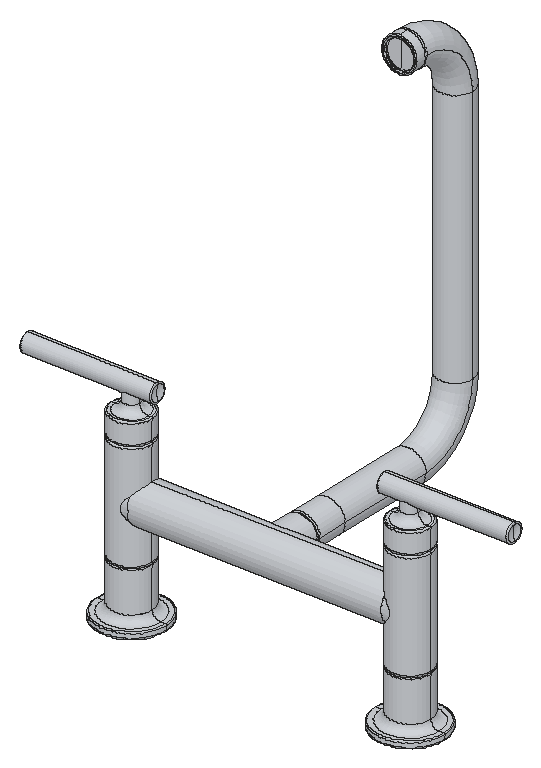
Revit family "Faucet-Wall_Mount-Kitchen-KOHLER-Purist-K-7549", category Plumbing Fixtures, host Face, Revit 2015
Parameters (values of type "CP-Polished Chrome")
  Width = 8"  # constant formula
  WaterSense Certified = 1 = 0  # no
  Waste Water Outlet = "Waste Water Outlet"  # constant formula
  Waste Connection = 1 = 0  # no
  Vent Connection = 1 = 0  # no
  URL = "https://www.us.kohler.com/us/"
  Type = 1
  Spout Reach = Length  # 13 7/8"
  Product Page URL = "http://www.us.kohler.com/us/catalog/productDetails.jsp?productNumber=7549-4"
  Product Name = "Purist"  # constant formula
  Product Documentation Link = "https://www.us.kohler.com/webassets/kpna/catalog/pdf/en/K-7549-4_spec.pdf"
  Pressure = 60.00 psi  # constant formula
  Model = if(Type = 1, "K-7549-4-CP", if(Type = 2, "K-7549-4-SN", if(Type = 3, "K-7549-4-VS", if(Type = 4, "K-7549-4-BL", "NA"))))  # "K-7549-4-CP"
  Material = "Premium Metal Construction"  # constant formula
  MasterFormat 2004 = "22.41.39"  # constant formula
  MasterFormat 1995 = "15410"  # constant formula
  Manufacturer Address = "444 Highland Dr, Kohler, WI 53044"  # constant formula
  Manufacturer = "KOHLER Co."  # constant formula
  Length = 13 7/8"  # constant formula
  Hot Water Inlet = "Hot Water Inlet"  # constant formula
  Height = 7 1/8"  # constant formula
  Handle Clearance = 3"  # constant formula
  HW Connection = 1 = 1  # yes
  Flow Rate = 1.5 GPM  # constant formula
  Finish = Kohler-Metal-CP-Polished_Chrome
  Faucet Hole Spacing = Width  # 8"
  Environmental Product Declaration = ""
  Drain Included = 1 = 0  # no
  Description = "Two-hole wall-mount bridge kitchen sink faucet with 13-7/8 inch spout"  # constant formula
  Default Elevation = 36"
  Declare Label = ""
  Date Modified = "02/08/2019"  # constant formula
  Date Created = "02/08/2019"  # constant formula
  Copyright = "Copyright KOHLER Co."  # constant formula
  Contact Us = "https://www.us.kohler.com/us/static/contact.jsp"
  Cold Water Inlet = "Cold Water Inlet"  # constant formula
  CW Connection = 1 = 1  # yes
  Assembly Code = "D2010"
  ADA Compliant = 1 = 1  # yes
Types (5): name | Type | Model | Finish
  (no name) | 1 | "K-7549-4-CP" | Kohler-Metal-CP-Polished_Chrome
  CP-Polished Chrome | 1 | "K-7549-4-CP" | Kohler-Metal-CP-Polished_Chrome
  SN-Vibrant Polished Nickel | 2 | "K-7549-4-SN" | Kohler-Metal-SN-Vibrant_Polished_Nickel
  VS-Vibrant Stainless | 3 | "K-7549-4-VS" | Kohler-Metal-VS-Vibrant_Stainless
  BL-Matte Black | 4 | "K-7549-4-BL" | Kohler-Metal-BL-Matte_Black
Reference planes (in)
  plane 1 "Center (Front/Back)": y = 0
  plane 2: z = 0
  plane 3 "Center (Left/Right)": x = 0
  plane 4: x = -4
  plane 5: x = 4
  plane 6: z = 13.875
  plane 7: y = 7.125
  plane 8: y = 1
  plane 9: y = -1
  plane 10: x = -7
  plane 11: x = 7
  plane 12: x = 3
  plane 13: x = 5
  plane 14: x = -3
  plane 15: x = -5
  plane 16: z = 6.3125
  plane 17: z = 3.125
Dimensions and locks (in)
  "Width": plane 4 to plane 5
  "Length": plane 6 to plane 2
  "Height": plane 1 "Center (Front/Back)" to plane 7
  locked: plane 9 to plane 8 at 2
  "Handle Clearance": plane 11 to plane 5
  "Handle Clearance": plane 4 to plane 10
  locked: plane 15 to plane 14 at 2
  locked: plane 12 to plane 13 at 2
  locked: plane 16 to plane 2 at 6.3125
  locked: plane 17 to plane 2 at 3.125
  plane 17 to plane 6 = 10 3/4"
  aligned and locked: host face to plane 2
  aligned and locked: host face to level
Automatic sketch dimensions
  host sketch curve to host sketch curve = 96"  (x2)
Nested families (in)
  nested 1: "K-7549" at (0, 0, 0), type "K-7549"
Connectors (in)
  piping at (-4, 0, 0), diameter 0.5, driven by "Flow Rate", driven by "Pressure", driven by "HW Connection", driven by "Hot Water Inlet"
    settings: on nested 1, index 1, connector inside diameter 24", connector length 0", flow factor 0, pipe flow 1.5 GPM, pressure drop 60.00 psi, fitting loss kfactor 0, connector angle 0.00°, fixture units 0, engagement length 0", angle of deflection 0.00°, flow configuration 1, flow direction 1, fitting loss method 4, system type 19, joint type 0, gender type 0, connector reference index -1, connector utility 1, adjustable connector no, is connector primary yes, connector description "Hot Water Inlet"
  piping at (4, 0, 0), diameter 0.5, driven by "Flow Rate", driven by "Pressure", driven by "CW Connection", driven by "Cold Water Inlet"
    settings: on nested 1, index 2, connector inside diameter 24", connector length 0", flow factor 0, pipe flow 1.5 GPM, pressure drop 60.00 psi, fitting loss kfactor 0, connector angle 0.00°, fixture units 0, engagement length 0", angle of deflection 0.00°, flow configuration 1, flow direction 1, fitting loss method 4, system type 20, joint type 0, gender type 0, connector reference index -1, connector utility 1, adjustable connector no, is connector primary no, connector description "Cold Water Inlet"
Definition of nested family "K-7549"
  Parameters (values of type "K-7549")
    Material = none
  Reference planes (in)
    plane 1 "Center (Front/Back)": y = 0
    plane 2: z = 0
    plane 3 "Center (Left/Right)": x = 0
    plane 4: x = -4
    plane 5: x = 4
    plane 6: y = 7.125
    plane 7: z = 3.125
    plane 8: z = 13.875
    plane 9: y = 1
    plane 10: y = -1
    plane 11: x = -5
    plane 12: x = -3
    plane 13: x = 5
    plane 14: x = 3
    plane 15: z = 6.3125
    plane 16: x = 7
    plane 17: x = -7
  Forms (in)
    Revolve 1, solid, material <- "Material", detail levels medium+fine
      sketch origin (0, 0, 0) x (1, 0, 0) y (0, 0, 1)
        loop
          line (-4, 0) -> (-3.02763, 0)
          arc (-3.02763, 0) -> (-3.00809, 0.00809) -> (-3, 0.02763) r 0.02763
          line (-3, 0.02763) -> (-3, 0.15353)
          arc (-3, 0.15353) -> (-3.00775, 0.17225) -> (-3.02647, 0.18) r 0.02647
          line (-3.02647, 0.18) -> (-3.17478, 0.18)
          arc (-3.17478, 0.18) -> (-3.33757, 0.24743) -> (-3.405, 0.41022) r 0.23022
          line (-3.405, 0.41022) -> (-3.405, 1.56016)
          arc (-3.405, 1.56016) -> (-3.41606, 1.58428) -> (-3.44156, 1.59164) r 0.03183
          arc (-3.44156, 1.59164) -> (-3.4152, 1.60917) -> (-3.405, 1.63915) r 0.04915
          line (-3.405, 1.63915) -> (-3.405, 4.67061)
          arc (-3.405, 4.67061) -> (-3.41947, 4.70553) -> (-3.45439, 4.72) r 0.04939
          line (-3.45439, 4.72) -> (-3.51319, 4.72) -> (-3.4927, 4.74443) -> (-3.43753, 4.74443)
          arc (-3.43753, 4.74443) -> (-3.41453, 4.75396) -> (-3.405, 4.77696) r 0.03253
          line (-3.405, 4.77696) -> (-3.405, 5.32501)
          arc (-3.405, 5.32501) -> (-3.41525, 5.34975) -> (-3.43999, 5.36) r 0.03499
          line (-3.43999, 5.36) -> (-3.52378, 5.36)
          arc (-3.52378, 5.36) -> (-3.699, 5.43258) -> (-3.77158, 5.6078) r 0.2478
          line (-3.77158, 5.6078) -> (-3.77158, 6.0625) -> (-4, 6.0625) -> (-4, 0)
        axis (-4, 6.0625) -> (-4, 0)
      angle from 0 to 360
    Revolve 2, solid, material <- "Material", detail levels medium+fine
      sketch origin (0, 0, 0) x (-1, 0, 0) y (0, 0, 1)
        loop
          line (-4, 0) -> (-3.02763, 0)
          arc (-3.02763, 0) -> (-3.00809, 0.00809) -> (-3, 0.02763) r 0.02763
          line (-3, 0.02763) -> (-3, 0.15353)
          arc (-3, 0.15353) -> (-3.00775, 0.17225) -> (-3.02647, 0.18) r 0.02647
          line (-3.02647, 0.18) -> (-3.17478, 0.18)
          arc (-3.17478, 0.18) -> (-3.33757, 0.24743) -> (-3.405, 0.41022) r 0.23022
          line (-3.405, 0.41022) -> (-3.405, 1.56016)
          arc (-3.405, 1.56016) -> (-3.41606, 1.58428) -> (-3.44156, 1.59164) r 0.03183
          arc (-3.44156, 1.59164) -> (-3.4152, 1.60917) -> (-3.405, 1.63915) r 0.04915
          line (-3.405, 1.63915) -> (-3.405, 4.67061)
          arc (-3.405, 4.67061) -> (-3.41947, 4.70553) -> (-3.45439, 4.72) r 0.04939
          line (-3.45439, 4.72) -> (-3.51319, 4.72) -> (-3.4927, 4.74443) -> (-3.43753, 4.74443)
          arc (-3.43753, 4.74443) -> (-3.41453, 4.75396) -> (-3.405, 4.77696) r 0.03253
          line (-3.405, 4.77696) -> (-3.405, 5.32501)
          arc (-3.405, 5.32501) -> (-3.41525, 5.34975) -> (-3.43999, 5.36) r 0.03499
          line (-3.43999, 5.36) -> (-3.52378, 5.36)
          arc (-3.52378, 5.36) -> (-3.699, 5.43258) -> (-3.77158, 5.6078) r 0.2478
          line (-3.77158, 5.6078) -> (-3.77158, 6.0625) -> (-4, 6.0625) -> (-4, 0)
        axis (-4, 6.0625) -> (-4, 0)
      angle from 0 to 360
    Revolve 3, solid, material <- "Material", detail levels medium+fine
      sketch origin (0, 0, 0) x (1, 0, 0) y (0, 0, 1)
        loop
          line (3.64602, 3.72) -> (-3.64602, 3.72)
          arc (-3.64602, 3.72) -> (-3.82445, 3.70864) -> (-4, 3.67473) r 1.40669
          line (-4, 3.67473) -> (-4, 3.125) -> (4, 3.125) -> (4, 3.67473)
          arc (4, 3.67473) -> (3.82445, 3.70864) -> (3.64602, 3.72) r 1.40669
        axis (-4, 3.125) -> (4, 3.125)
      angle from 0 to 360
    Revolve 4, solid, material <- "Material", detail levels medium+fine
      sketch origin (0, 0, 0) x (1, 0, 0) y (0, 0, 1)
        loop
          arc (-3.29982, 6.0475) -> (-3.2877, 6.16531) -> (-3.25186, 6.27819) r 0.57884
          arc (-3.25186, 6.27819) -> (-3.25385, 6.30142) -> (-3.27436, 6.3125) r 0.02453
          line (-3.27436, 6.3125) -> (-6.97525, 6.3125)
          arc (-6.97525, 6.3125) -> (-6.996, 6.30129) -> (-6.99799, 6.27779) r 0.0248
          arc (-6.99799, 6.27779) -> (-6.96212, 6.16512) -> (-6.94999, 6.0475) r 0.57643
          line (-6.94999, 6.0475) -> (-3.29982, 6.0475)
        axis (-6.99799, 6.0475) -> (-3.25186, 6.0475)
      angle from 0 to 360
    Revolve 5, solid, material <- "Material", detail levels medium+fine
      sketch origin (0, 0, 0) x (-1, 0, 0) y (0, 0, 1)
        loop
          arc (-3.29982, 6.0475) -> (-3.2877, 6.16531) -> (-3.25186, 6.27819) r 0.57884
          arc (-3.25186, 6.27819) -> (-3.25385, 6.30142) -> (-3.27436, 6.3125) r 0.02453
          line (-3.27436, 6.3125) -> (-6.97525, 6.3125)
          arc (-6.97525, 6.3125) -> (-6.996, 6.30129) -> (-6.99799, 6.27779) r 0.0248
          arc (-6.99799, 6.27779) -> (-6.96212, 6.16512) -> (-6.94999, 6.0475) r 0.57643
          line (-6.94999, 6.0475) -> (-3.29982, 6.0475)
        axis (-6.99799, 6.0475) -> (-3.25186, 6.0475)
      angle from 0 to 360
    Revolve 6, solid, material <- "Material", detail levels medium+fine
      sketch origin (0, 0, 3.125) x (1, 0, 0) y (0, 1, 0)
        loop
          line (0, 2.03808) -> (0, 0) -> (0.54004, 0) -> (0.50376, 1.03889)
          arc (0.50376, 1.03889) -> (0.48864, 1.07284) -> (0.45418, 1.08677) r 0.04961
          line (0.45418, 1.08677) -> (0.41575, 1.08677) -> (0.44106, 1.108) -> (0.47228, 1.108)
          arc (0.47228, 1.108) -> (0.49188, 1.11612) -> (0.5, 1.13573) r 0.02772
          line (0.5, 1.13573) -> (0.5, 2.03808) -> (0, 2.03808)
        axis (0, 2.03808) -> (0, 0)
      angle from 0 to 360
    Sweep 7, solid, material <- "Material", detail levels medium+fine
      path origin (0, 0, 0) x (0, 1, 0) y (0, 0, 1)
        loop
          line (2.03808, 2.625) -> (4.93655, 2.625)
          arc (4.93655, 2.625) -> (6.48402, 3.26598) -> (7.125, 4.81345) r 2.18845
          line (7.125, 4.81345) -> (7.125, 12.22212)
          arc (7.125, 12.22212) -> (6.49443, 13.74443) -> (4.97212, 14.375) r 2.15288
          line (4.97212, 14.375) -> (4.90643, 14.375)
      profile origin (0, 3.48732, 2.625) x (0, 0, 1) y (1, 0, 0)
        loop
          circle (0.5, 0) r 0.5
    Revolve 8, solid, material <- "Material", detail levels medium+fine
      sketch origin (0, 0, 0) x (0, 1, 0) y (0, 0, 1)
        loop
          line (4.90643, 14.375) -> (4.62451, 14.375)
          arc (4.62451, 14.375) -> (4.6093, 14.3687) -> (4.603, 14.35349) r 0.02151
          line (4.603, 14.35349) -> (4.603, 14.32243)
          arc (4.603, 14.32243) -> (4.60898, 14.30799) -> (4.62343, 14.302) r 0.02043
          line (4.62343, 14.302) -> (4.65419, 14.302)
          arc (4.65419, 14.302) -> (4.66862, 14.29602) -> (4.6746, 14.28159) r 0.02041
          line (4.6746, 14.28159) -> (4.6746, 13.875) -> (4.90643, 13.875) -> (4.90643, 14.375)
        axis (4.603, 13.875) -> (4.90643, 13.875)
      angle from 0 to 360
    Revolve 9, solid, material <- "Material", detail levels coarse
      sketch origin (0, 0, 0) x (1, 0, 0) y (0, 0, 1)
        loop
          line (-4, 6.06777) -> (-4, 0) -> (-3, 0) -> (-3, 0.4104) -> (-3.37608, 0.4104) -> (-3.37608, 5.60242) -> (-3.78725, 5.60242) -> (-3.78725, 6.06777) -> (-4, 6.06777)
        axis (-4, 6.06777) -> (-4, 0)
      angle from 0 to 360
    Revolve 10, solid, material <- "Material", detail levels coarse
      sketch origin (0, 0, 0) x (-1, 0, 0) y (0, 0, 1)
        loop
          line (-4, 6.06777) -> (-4, 0) -> (-3, 0) -> (-3, 0.4104) -> (-3.37608, 0.4104) -> (-3.37608, 5.60242) -> (-3.78725, 5.60242) -> (-3.78725, 6.06777) -> (-4, 6.06777)
        axis (-4, 6.06777) -> (-4, 0)
      angle from 0 to 360
    Revolve 11, solid, material <- "Material", detail levels coarse
      sketch origin (0, 0, 0) x (1, 0, 0) y (0, 0, 1)
        loop
          line (3.24982, 6.04767) -> (7.09786, 6.04767) -> (7.09786, 6.35328) -> (3.24982, 6.35328) -> (3.24982, 6.04767)
        axis (7.09786, 6.04767) -> (3.24982, 6.04767)
      angle from 0 to 360
    Revolve 12, solid, material <- "Material", detail levels coarse
      sketch origin (0, 0, 0) x (-1, 0, 0) y (0, 0, 1)
        loop
          line (3.24982, 6.04767) -> (7.09786, 6.04767) -> (7.09786, 6.35328) -> (3.24982, 6.35328) -> (3.24982, 6.04767)
        axis (7.09786, 6.04767) -> (3.24982, 6.04767)
      angle from 0 to 360
    Revolve 13, solid, material <- "Material", detail levels coarse
      sketch origin (0, 0, 0) x (1, 0, 0) y (0, 0, 1)
        loop
          line (-4, 3.125) -> (-4, 2.51908) -> (4, 2.51908) -> (4, 3.125) -> (-4, 3.125)
        axis (4, 3.125) -> (-4, 3.125)
      angle from 0 to 360
    Sweep 14, solid, material <- "Material", detail levels coarse
      path origin (0, 0, 0) x (0, 1, 0) y (0, 0, 1)
        loop
          line (0, 3.125) -> (6.625, 3.125) -> (6.625, 13.87535) -> (4.603, 13.87535)
      profile origin (0, 3.3125, 3.125) x (0, 0, 1) y (1, 0, 0)
        loop
          circle (0, 0) r 0.5
    Extrusion 15, solid, material <- "Material", detail levels medium+fine
      sketch origin (0, 0, 0) x (1, 0, 0) y (0, 1, 0)
        loop
          circle (-4, 0) r 0.25
        loop
          circle (4, 0) r 0.25
      from 0 to 0.04614
  Cuts and joins
    joined: Revolve 1, Revolve 2, Revolve 3, Revolve 4, Revolve 5, Revolve 6, Sweep 7, Revolve 8
    joined: Revolve 9, Revolve 10, Revolve 11, Revolve 12, Revolve 13, Sweep 14
  Lines and regions (in)
    Masking region 1
      outline origin (0, 0, 0) x (1, 0, 0) y (0, 0, 1)
        loop
          arc (-3.0271, 0) -> (-3.00794, 0.00794) -> (-3, 0.0271) r 0.0271
          line (-3, 0.0271) -> (-3, 0.15444)
          arc (-3, 0.15444) -> (-3.00749, 0.17251) -> (-3.02556, 0.18) r 0.02556
          line (-3.02556, 0.18) -> (-3.17408, 0.18)
          arc (-3.17408, 0.18) -> (-3.33736, 0.24764) -> (-3.405, 0.41092) r 0.23092
          line (-3.405, 0.41092) -> (-3.405, 1.56014)
          arc (-3.405, 1.56014) -> (-3.41402, 1.58221) -> (-3.43592, 1.59164) r 0.03151
          arc (-3.43592, 1.59164) -> (-3.41343, 1.61036) -> (-3.405, 1.63838) r 0.0508
          line (-3.405, 1.63838) -> (-3.405, 2.52708) -> (3.405, 2.52708) -> (3.405, 1.63838)
          arc (3.405, 1.63838) -> (3.41343, 1.61036) -> (3.43592, 1.59164) r 0.0508
          arc (3.43592, 1.59164) -> (3.41402, 1.58221) -> (3.405, 1.56014) r 0.03151
          line (3.405, 1.56014) -> (3.405, 0.41092)
          arc (3.405, 0.41092) -> (3.33736, 0.24764) -> (3.17408, 0.18) r 0.23092
          line (3.17408, 0.18) -> (3.02556, 0.18)
          arc (3.02556, 0.18) -> (3.00749, 0.17251) -> (3, 0.15444) r 0.02556
          line (3, 0.15444) -> (3, 0.0271)
          arc (3, 0.0271) -> (3.00794, 0.00794) -> (3.0271, 0) r 0.0271
          line (3.0271, 0) -> (4.9729, 0)
          arc (4.9729, 0) -> (4.99206, 0.00794) -> (5, 0.0271) r 0.0271
          line (5, 0.0271) -> (5, 0.15444)
          arc (5, 0.15444) -> (4.99251, 0.17251) -> (4.97444, 0.18) r 0.02556
          line (4.97444, 0.18) -> (4.82592, 0.18)
          arc (4.82592, 0.18) -> (4.66264, 0.24764) -> (4.595, 0.41092) r 0.23092
          line (4.595, 0.41092) -> (4.595, 1.56014)
          arc (4.595, 1.56014) -> (4.58598, 1.58221) -> (4.56408, 1.59164) r 0.03151
          arc (4.56408, 1.59164) -> (4.58657, 1.61036) -> (4.595, 1.63838) r 0.0508
          line (4.595, 1.63838) -> (4.595, 4.67103)
          arc (4.595, 4.67103) -> (4.58066, 4.70566) -> (4.54603, 4.72) r 0.04897
          line (4.54603, 4.72) -> (4.48681, 4.72) -> (4.5073, 4.74443) -> (4.56272, 4.74443)
          arc (4.56272, 4.74443) -> (4.58555, 4.75388) -> (4.595, 4.7767) r 0.03228
          line (4.595, 4.7767) -> (4.595, 5.32556)
          arc (4.595, 5.32556) -> (4.58491, 5.34991) -> (4.56056, 5.36) r 0.03444
          line (4.56056, 5.36) -> (4.47476, 5.36)
          arc (4.47476, 5.36) -> (4.30057, 5.43215) -> (4.22842, 5.60634) r 0.24634
          line (4.22842, 5.60634) -> (4.22842, 5.7825) -> (6.97604, 5.7825)
          arc (6.97604, 5.7825) -> (6.99298, 5.78952) -> (7, 5.80647) r 0.02396
          line (7, 5.80647) -> (7, 6.28811)
          arc (7, 6.28811) -> (6.99286, 6.30536) -> (6.97561, 6.3125) r 0.02439
          line (6.97561, 6.3125) -> (3.27312, 6.3125)
          arc (3.27312, 6.3125) -> (3.25665, 6.30568) -> (3.24982, 6.2892) r 0.0233
          line (3.24982, 6.2892) -> (3.24982, 5.80614)
          arc (3.24982, 5.80614) -> (3.25675, 5.78943) -> (3.27347, 5.7825) r 0.02364
          line (3.27347, 5.7825) -> (3.77158, 5.7825) -> (3.77158, 5.60634)
          arc (3.77158, 5.60634) -> (3.69943, 5.43215) -> (3.52524, 5.36) r 0.24634
          line (3.52524, 5.36) -> (3.43944, 5.36)
          arc (3.43944, 5.36) -> (3.41509, 5.34991) -> (3.405, 5.32556) r 0.03444
          line (3.405, 5.32556) -> (3.405, 4.7767)
          arc (3.405, 4.7767) -> (3.41445, 4.75388) -> (3.43728, 4.74443) r 0.03228
          line (3.43728, 4.74443) -> (3.4927, 4.74443) -> (3.51319, 4.72) -> (3.45397, 4.72)
          arc (3.45397, 4.72) -> (3.41934, 4.70566) -> (3.405, 4.67103) r 0.04897
          line (3.405, 4.67103) -> (3.405, 3.71999) -> (0.5, 3.71999) -> (0.5, 13.875)
          arc (0.5, 13.875) -> (0, 14.375) -> (-0.5, 13.875) r 0.5
          line (-0.5, 13.875) -> (-0.5, 3.71999) -> (-3.405, 3.71999) -> (-3.405, 4.67103)
          arc (-3.405, 4.67103) -> (-3.41934, 4.70566) -> (-3.45397, 4.72) r 0.04897
          line (-3.45397, 4.72) -> (-3.51319, 4.72) -> (-3.4927, 4.74443) -> (-3.43728, 4.74443)
          arc (-3.43728, 4.74443) -> (-3.41445, 4.75388) -> (-3.405, 4.7767) r 0.03228
          line (-3.405, 4.7767) -> (-3.405, 5.32556)
          arc (-3.405, 5.32556) -> (-3.41509, 5.34991) -> (-3.43944, 5.36) r 0.03444
          line (-3.43944, 5.36) -> (-3.52524, 5.36)
          arc (-3.52524, 5.36) -> (-3.69943, 5.43215) -> (-3.77158, 5.60634) r 0.24634
          line (-3.77158, 5.60634) -> (-3.77158, 5.7825) -> (-3.27347, 5.7825)
          arc (-3.27347, 5.7825) -> (-3.25675, 5.78943) -> (-3.24982, 5.80614) r 0.02364
          line (-3.24982, 5.80614) -> (-3.24982, 6.2892)
          arc (-3.24982, 6.2892) -> (-3.25665, 6.30568) -> (-3.27312, 6.3125) r 0.0233
          line (-3.27312, 6.3125) -> (-6.97561, 6.3125)
          arc (-6.97561, 6.3125) -> (-6.99286, 6.30536) -> (-7, 6.28811) r 0.02439
          line (-7, 6.28811) -> (-7, 5.80647)
          arc (-7, 5.80647) -> (-6.99298, 5.78952) -> (-6.97604, 5.7825) r 0.02396
          line (-6.97604, 5.7825) -> (-4.22842, 5.7825) -> (-4.22842, 5.60634)
          arc (-4.22842, 5.60634) -> (-4.30057, 5.43215) -> (-4.47476, 5.36) r 0.24634
          line (-4.47476, 5.36) -> (-4.56056, 5.36)
          arc (-4.56056, 5.36) -> (-4.58491, 5.34991) -> (-4.595, 5.32556) r 0.03444
          line (-4.595, 5.32556) -> (-4.595, 4.7767)
          arc (-4.595, 4.7767) -> (-4.58555, 4.75388) -> (-4.56272, 4.74443) r 0.03228
          line (-4.56272, 4.74443) -> (-4.5073, 4.74443) -> (-4.48681, 4.72) -> (-4.54603, 4.72)
          arc (-4.54603, 4.72) -> (-4.58066, 4.70566) -> (-4.595, 4.67103) r 0.04897
          line (-4.595, 4.67103) -> (-4.595, 1.63838)
          arc (-4.595, 1.63838) -> (-4.58657, 1.61036) -> (-4.56408, 1.59164) r 0.0508
          arc (-4.56408, 1.59164) -> (-4.58598, 1.58221) -> (-4.595, 1.56014) r 0.03151
          line (-4.595, 1.56014) -> (-4.595, 0.41092)
          arc (-4.595, 0.41092) -> (-4.66264, 0.24764) -> (-4.82592, 0.18) r 0.23092
          line (-4.82592, 0.18) -> (-4.97444, 0.18)
          arc (-4.97444, 0.18) -> (-4.99251, 0.17251) -> (-5, 0.15444) r 0.02556
          line (-5, 0.15444) -> (-5, 0.0271)
          arc (-5, 0.0271) -> (-4.99206, 0.00794) -> (-4.9729, 0) r 0.0271
          line (-4.9729, 0) -> (-3.0271, 0)
    Masking region 2
      outline origin (0, 0, 0) x (0, 1, 0) y (0, 0, 1)
        loop
          line (-0.97315, 0) -> (0.97315, 0)
          arc (0.97315, 0) -> (0.99214, 0.00786) -> (1, 0.02685) r 0.02685
          line (1, 0.02685) -> (1, 0.15375)
          arc (1, 0.15375) -> (0.99231, 0.17231) -> (0.97375, 0.18) r 0.02625
          line (0.97375, 0.18) -> (0.82406, 0.18)
          arc (0.82406, 0.18) -> (0.66209, 0.24709) -> (0.595, 0.40906) r 0.22906
          line (0.595, 0.40906) -> (0.595, 1.56054)
          arc (0.595, 1.56054) -> (0.58589, 1.58253) -> (0.5639, 1.59164) r 0.0311
          arc (0.5639, 1.59164) -> (0.58651, 1.61017) -> (0.595, 1.63814) r 0.05031
          line (0.595, 1.63814) -> (0.595, 2.60575) -> (1.03986, 2.62128)
          arc (1.03986, 2.62128) -> (1.07312, 2.63609) -> (1.08675, 2.66984) r 0.04859
          line (1.08675, 2.66984) -> (1.08675, 2.70856) -> (1.108, 2.68394) -> (1.108, 2.6518)
          arc (1.108, 2.6518) -> (1.11585, 2.63285) -> (1.1348, 2.625) r 0.0268
          line (1.1348, 2.625) -> (4.9408, 2.625)
          arc (4.9408, 2.625) -> (6.48526, 3.26474) -> (7.125, 4.8092) r 2.1842
          line (7.125, 4.8092) -> (7.125, 12.22049)
          arc (7.125, 12.22049) -> (6.49396, 13.74396) -> (4.97049, 14.375) r 2.15451
          line (4.97049, 14.375) -> (4.62377, 14.375)
          arc (4.62377, 14.375) -> (4.60908, 14.36892) -> (4.603, 14.35423) r 0.02077
          line (4.603, 14.35423) -> (4.603, 13.39647)
          arc (4.603, 13.39647) -> (4.60929, 13.38129) -> (4.62447, 13.375) r 0.02147
          line (4.62447, 13.375) -> (4.96828, 13.375)
          arc (4.96828, 13.375) -> (5.78621, 13.03621) -> (6.125, 12.21828) r 1.15672
          line (6.125, 12.21828) -> (6.125, 4.81005)
          arc (6.125, 4.81005) -> (5.77791, 3.97209) -> (4.93995, 3.625) r 1.18505
          line (4.93995, 3.625) -> (1.1348, 3.625)
          arc (1.1348, 3.625) -> (1.11585, 3.61715) -> (1.108, 3.5982) r 0.0268
          line (1.108, 3.5982) -> (1.108, 3.56606) -> (1.08675, 3.54144) -> (1.08675, 3.58016)
          arc (1.08675, 3.58016) -> (1.07312, 3.61391) -> (1.03986, 3.62872) r 0.04859
          line (1.03986, 3.62872) -> (0.595, 3.64425) -> (0.595, 4.6712)
          arc (0.595, 4.6712) -> (0.58071, 4.70571) -> (0.5462, 4.72) r 0.0488
          line (0.5462, 4.72) -> (0.48681, 4.72) -> (0.5073, 4.74443) -> (0.56224, 4.74443)
          arc (0.56224, 4.74443) -> (0.5854, 4.75402) -> (0.595, 4.77719) r 0.03276
          line (0.595, 4.77719) -> (0.595, 5.32598)
          arc (0.595, 5.32598) -> (0.58504, 5.35004) -> (0.56098, 5.36) r 0.03402
          line (0.56098, 5.36) -> (0.47713, 5.36)
          arc (0.47713, 5.36) -> (0.30126, 5.43285) -> (0.22842, 5.60871) r 0.24871
          line (0.22842, 5.60871) -> (0.22842, 5.91315)
          arc (0.22842, 5.91315) -> (0.23003, 6.17907) -> (0, 6.3125) r 0.265
          arc (0, 6.3125) -> (-0.23003, 6.17907) -> (-0.22842, 5.91315) r 0.265
          line (-0.22842, 5.91315) -> (-0.22842, 5.60871)
          arc (-0.22842, 5.60871) -> (-0.30126, 5.43285) -> (-0.47713, 5.36) r 0.24871
          line (-0.47713, 5.36) -> (-0.56098, 5.36)
          arc (-0.56098, 5.36) -> (-0.58504, 5.35004) -> (-0.595, 5.32598) r 0.03402
          line (-0.595, 5.32598) -> (-0.595, 4.77719)
          arc (-0.595, 4.77719) -> (-0.5854, 4.75402) -> (-0.56224, 4.74443) r 0.03276
          line (-0.56224, 4.74443) -> (-0.5073, 4.74443) -> (-0.48681, 4.72) -> (-0.5462, 4.72)
          arc (-0.5462, 4.72) -> (-0.58071, 4.70571) -> (-0.595, 4.6712) r 0.0488
          line (-0.595, 4.6712) -> (-0.595, 1.63814)
          arc (-0.595, 1.63814) -> (-0.58651, 1.61017) -> (-0.5639, 1.59164) r 0.05031
          arc (-0.5639, 1.59164) -> (-0.58589, 1.58253) -> (-0.595, 1.56054) r 0.0311
          line (-0.595, 1.56054) -> (-0.595, 0.40906)
          arc (-0.595, 0.40906) -> (-0.66209, 0.24709) -> (-0.82406, 0.18) r 0.22906
          line (-0.82406, 0.18) -> (-0.97375, 0.18)
          arc (-0.97375, 0.18) -> (-0.99231, 0.17231) -> (-1, 0.15375) r 0.02625
          line (-1, 0.15375) -> (-1, 0.02685)
          arc (-1, 0.02685) -> (-0.99214, 0.00786) -> (-0.97315, 0) r 0.02685
    Masking region 3
      outline origin (0, 0, 0) x (1, 0, 0) y (0, 1, 0)
        loop
          line (-0.51926, 0.595) -> (-3.19627, 0.595)
          arc (-3.19627, 0.595) -> (-3.55, 0.89303) -> (-4, 1) r 1
          arc (-4, 1) -> (-4.60622, 0.7953) -> (-4.96425, 0.265) r 1
          line (-4.96425, 0.265) -> (-6.9758, 0.265)
          arc (-6.9758, 0.265) -> (-6.99291, 0.25791) -> (-7, 0.2408) r 0.0242
          line (-7, 0.2408) -> (-7, -0.23996)
          arc (-7, -0.23996) -> (-6.99267, -0.25767) -> (-6.97496, -0.265) r 0.02504
          line (-6.97496, -0.265) -> (-4.96425, -0.265)
          arc (-4.96425, -0.265) -> (-4.60622, -0.7953) -> (-4, -1) r 1
          arc (-4, -1) -> (-3.55, -0.89303) -> (-3.19627, -0.595) r 1
          line (-3.19627, -0.595) -> (3.19627, -0.595)
          arc (3.19627, -0.595) -> (3.55, -0.89303) -> (4, -1) r 1
          arc (4, -1) -> (4.60622, -0.7953) -> (4.96425, -0.265) r 1
          line (4.96425, -0.265) -> (6.97496, -0.265)
          arc (6.97496, -0.265) -> (6.99267, -0.25767) -> (7, -0.23996) r 0.02504
          line (7, -0.23996) -> (7, 0.2408)
          arc (7, 0.2408) -> (6.99291, 0.25791) -> (6.9758, 0.265) r 0.0242
          line (6.9758, 0.265) -> (4.96425, 0.265)
          arc (4.96425, 0.265) -> (4.60622, 0.7953) -> (4, 1) r 1
          arc (4, 1) -> (3.55, 0.89303) -> (3.19627, 0.595) r 1
          line (3.19627, 0.595) -> (0.51926, 0.595) -> (0.50374, 1.03938)
          arc (0.50374, 1.03938) -> (0.48878, 1.07299) -> (0.45467, 1.08677) r 0.0491
          line (0.45467, 1.08677) -> (0.41575, 1.08677) -> (0.44106, 1.108) -> (0.47229, 1.108)
          arc (0.47229, 1.108) -> (0.49188, 1.11612) -> (0.5, 1.13571) r 0.02771
          line (0.5, 1.13571) -> (0.5, 6.625)
          arc (0.5, 6.625) -> (0.35355, 6.97855) -> (0, 7.125) r 0.5
          arc (0, 7.125) -> (-0.35355, 6.97855) -> (-0.5, 6.625) r 0.5
          line (-0.5, 6.625) -> (-0.5, 1.13571)
          arc (-0.5, 1.13571) -> (-0.49188, 1.11612) -> (-0.47229, 1.108) r 0.02771
          line (-0.47229, 1.108) -> (-0.44106, 1.108) -> (-0.41575, 1.08677) -> (-0.45467, 1.08677)
          arc (-0.45467, 1.08677) -> (-0.48878, 1.07299) -> (-0.50374, 1.03938) r 0.0491
          line (-0.50374, 1.03938) -> (-0.51926, 0.595)
    symbolic lines, detail levels medium+fine
      curve 1: line (-3.17408, 0, 0.18) -> (-4.82592, 0, 0.18)
      curve 2: line (-3.43592, 0, 1.59164) -> (-4.56408, 0, 1.59164)
      curve 3: arc (-3.80043, 0, 3.30155) -> (-3.846, 0, 3.21845) -> (-3.86178, 0, 3.125) r 0.28471
      curve 4: arc (-3.405, 0, 3.71999) -> (-3.61195, 0, 3.5195) -> (-3.80043, 0, 3.30155) r 3.2661
      curve 5: arc (-3.80043, 0, 2.94845) -> (-3.846, 0, 3.03155) -> (-3.86178, 0, 3.125) r 0.28471
      curve 6: line (-3.51319, 0, 4.72) -> (-4.48681, 0, 4.72)
      curve 7: line (-3.4927, 0, 4.74443) -> (-4.5073, 0, 4.74443)
      curve 8: line (-3.52524, 0, 5.36) -> (-4.47476, 0, 5.36)
      curve 9: arc (-3.91016, 0, 5.8876) -> (-3.95326, 0, 5.90686) -> (-4, 0, 5.91345) r 0.16903
      curve 10: arc (-3.77158, 0, 5.7825) -> (-3.83854, 0, 5.83812) -> (-3.91016, 0, 5.8876) r 0.98382
      curve 11: arc (-3.405, 0, 2.52708) -> (-3.61165, 0, 2.72938) -> (-3.80043, 0, 2.94845) r 3.41252
      curve 12: arc (-4.08984, 0, 5.8876) -> (-4.04674, 0, 5.90686) -> (-4, 0, 5.91345) r 0.16903
      curve 13: arc (-4.22842, 0, 5.7825) -> (-4.16146, 0, 5.83812) -> (-4.08984, 0, 5.8876) r 0.98382
      curve 14: line (3.17408, 0, 0.18) -> (4.82592, 0, 0.18)
      curve 15: line (3.43592, 0, 1.59164) -> (4.56408, 0, 1.59164)
      curve 16: arc (3.80043, 0, 3.30155) -> (3.846, 0, 3.21845) -> (3.86178, 0, 3.125) r 0.28471
      curve 17: arc (3.405, 0, 3.71999) -> (3.61195, 0, 3.5195) -> (3.80043, 0, 3.30155) r 3.2661
      curve 18: arc (3.80043, 0, 2.94845) -> (3.846, 0, 3.03155) -> (3.86178, 0, 3.125) r 0.28471
      curve 19: line (3.51319, 0, 4.72) -> (4.48681, 0, 4.72)
      curve 20: line (3.4927, 0, 4.74443) -> (4.5073, 0, 4.74443)
      curve 21: line (3.52524, 0, 5.36) -> (4.47476, 0, 5.36)
      curve 22: arc (3.91016, 0, 5.8876) -> (3.95326, 0, 5.90686) -> (4, 0, 5.91345) r 0.16903
      curve 23: arc (3.77158, 0, 5.7825) -> (3.83854, 0, 5.83812) -> (3.91016, 0, 5.8876) r 0.98382
      curve 24: arc (3.405, 0, 2.52708) -> (3.61165, 0, 2.72938) -> (3.80043, 0, 2.94845) r 3.41252
      curve 25: arc (4.08984, 0, 5.8876) -> (4.04674, 0, 5.90686) -> (4, 0, 5.91345) r 0.16903
      curve 26: arc (4.22842, 0, 5.7825) -> (4.16146, 0, 5.83812) -> (4.08984, 0, 5.8876) r 0.98382
      curve 27: arc (0.51926, 0, 3.125) -> (0.37119, 0, 2.75053) -> (0, 0, 2.59443) r 0.51938
      curve 28: arc (-0.51926, 0, 3.125) -> (-0.37119, 0, 2.75053) -> (0, 0, 2.59443) r 0.51938
      curve 29: line (-0.5, 0, 3.71999) -> (-0.5, 0, 3.26564)
      curve 30: arc (-0.5, 0, 3.26564) -> (-0.51366, 0, 3.19587) -> (-0.51926, 0, 3.125) r 0.62108
      curve 31: line (0.5, 0, 3.71999) -> (0.5, 0, 3.26564)
      curve 32: arc (0.5, 0, 3.26564) -> (0.51366, 0, 3.19587) -> (0.51926, 0, 3.125) r 0.62108
      curve 33: line (0, -0.82406, 0.18) -> (0, 0.82406, 0.18)
      curve 34: line (0, -0.5639, 1.59164) -> (0, 0.5639, 1.59164)
      curve 35: line (0, -0.48681, 4.72) -> (0, 0.48681, 4.72)
      curve 36: line (0, -0.5073, 4.74443) -> (0, 0.5073, 4.74443)
      curve 37: line (0, 0.595, 2.60575) -> (0, 0.595, 3.64425)
      curve 38: line (0, -0.47713, 5.36) -> (0, 0.47713, 5.36)
      curve 39: arc (0, -0.22842, 5.91315) -> (0, 0, 5.78231) -> (0, 0.22842, 5.91315) r 0.2648
      curve 40: line (0, 1.08675, 2.70856) -> (0, 1.08675, 3.54144)
      curve 41: line (0, 1.108, 3.56606) -> (0, 1.108, 2.68394)
      curve 42: arc (-0.17304, 0.31856, 0) -> (-0.08986, 0.28237, 0) -> (0, 0.26999, 0) r 0.33252
      curve 43: arc (-0.51926, 0.595, 0) -> (-0.3549, 0.44582, 0) -> (-0.17304, 0.31856, 0) r 1.75576
      curve 44: arc (0.17304, 0.31856, 0) -> (0.08986, 0.28237, 0) -> (0, 0.26999, 0) r 0.33252
      curve 45: arc (0.51926, 0.595, 0) -> (0.3549, 0.44582, 0) -> (0.17304, 0.31856, 0) r 1.75576
      curve 46: line (-0.41575, 1.08677, 0) -> (0.41575, 1.08677, 0)
      curve 47: line (-0.44106, 1.108, 0) -> (0.44106, 1.108, 0)
      curve 48: line (0.47872, 4.603, 0) -> (-0.47791, 4.603, 0)
      curve 49: arc (0.5, 4.62378, 0) -> (0.49359, 4.60906, 0) -> (0.47872, 4.603, 0) r 0.02128
      curve 50: arc (-0.47791, 4.603, 0) -> (-0.49328, 4.60922, 0) -> (-0.5, 4.62437, 0) r 0.0221
      curve 51: line (4.96425, 0.265, 0) -> (3.27375, 0.265, 0)
      curve 52: line (3.24983, 0.24108, 0) -> (3.24983, -0.24179, 0)
      curve 53: line (4.96425, -0.265, 0) -> (3.27304, -0.265, 0)
      curve 54: arc (3.27375, 0.265, 0) -> (3.25684, 0.25799, 0) -> (3.24983, 0.24108, 0) r 0.02392
      curve 55: arc (3.24983, -0.24179, 0) -> (3.25663, -0.2582, 0) -> (3.27304, -0.265, 0) r 0.02321
      curve 56: line (-4.96425, 0.265, 0) -> (-3.27375, 0.265, 0)
      curve 57: line (-3.24983, 0.24108, 0) -> (-3.24983, -0.24179, 0)
      curve 58: line (-4.96425, -0.265, 0) -> (-3.27304, -0.265, 0)
      curve 59: arc (-3.27375, 0.265, 0) -> (-3.25684, 0.25799, 0) -> (-3.24983, 0.24108, 0) r 0.02392
      curve 60: arc (-3.24983, -0.24179, 0) -> (-3.25663, -0.2582, 0) -> (-3.27304, -0.265, 0) r 0.02321
      curve 61: arc (-4.53186, -0.265, 0) -> (-4, -0.59422, 0) -> (-3.46814, -0.265, 0) r 0.59422
      curve 62: arc (-3.46814, 0.265, 0) -> (-4, 0.59422, 0) -> (-4.53186, 0.265, 0) r 0.59422
      curve 63: arc (4.53186, -0.265, 0) -> (4, -0.59422, 0) -> (3.46814, -0.265, 0) r 0.59422
      curve 64: arc (3.46814, 0.265, 0) -> (4, 0.59422, 0) -> (4.53186, 0.265, 0) r 0.59422
      curve 65: arc (-4.81811, -0.265, 0) -> (-4.19222, -0.8382, 0) -> (-3.37911, -0.595, 0) r 0.85996
      curve 66: arc (-4.35477, -0.265, 0) -> (-4, -0.44282, 0) -> (-3.64523, -0.265, 0) r 0.44282
      curve 67: arc (-3.64523, 0.265, 0) -> (-4, 0.44282, 0) -> (-4.35477, 0.265, 0) r 0.44282
      curve 68: arc (-3.37911, 0.595, 0) -> (-4.19222, 0.8382, 0) -> (-4.81811, 0.265, 0) r 0.85996
      curve 69: arc (4.81811, -0.265, 0) -> (4.19222, -0.8382, 0) -> (3.37911, -0.595, 0) r 0.85996
      curve 70: arc (4.35477, -0.265, 0) -> (4, -0.44282, 0) -> (3.64523, -0.265, 0) r 0.44282
      curve 71: arc (3.64523, 0.265, 0) -> (4, 0.44282, 0) -> (4.35477, 0.265, 0) r 0.44282
      curve 72: arc (3.37911, 0.595, 0) -> (4.19222, 0.8382, 0) -> (4.81811, 0.265, 0) r 0.85996
      curve 73: line (-3.19627, 0.595, 0) -> (-3.92604, 0.595, 0)
      curve 74: line (-3.19627, -0.595, 0) -> (-3.92604, -0.595, 0)
      curve 75: arc (-3.92604, 0.595, 0) -> (-3.96302, 0.59481, 0) -> (-4, 0.59422, 0) r 3.52035
      curve 76: arc (-3.92604, -0.595, 0) -> (-3.96302, -0.59481, 0) -> (-4, -0.59422, 0) r 3.52035
      curve 77: line (3.19627, 0.595, 0) -> (3.92604, 0.595, 0)
      curve 78: line (3.19627, -0.595, 0) -> (3.92604, -0.595, 0)
      curve 79: arc (3.92604, 0.595, 0) -> (3.96302, 0.59481, 0) -> (4, 0.59422, 0) r 3.52035
      curve 80: arc (3.92604, -0.595, 0) -> (3.96302, -0.59481, 0) -> (4, -0.59422, 0) r 3.52035
  Dimensions and locks (in)
    locked: plane 4 to plane 5 at 8
    locked: plane 1 "Center (Front/Back)" to plane 6 at 7.125
    locked: plane 7 to plane 2 at 3.125
    locked: plane 8 to plane 7 at 10.75
    locked: plane 11 to plane 12 at 2
    locked: plane 14 to plane 13 at 2
    locked: plane 9 to plane 10 at 2
    locked: plane 15 to plane 2 at 6.3125
    locked: plane 5 to plane 16 at 3
    locked: plane 17 to plane 4 at 3
    aligned and locked: plane 2 to level
